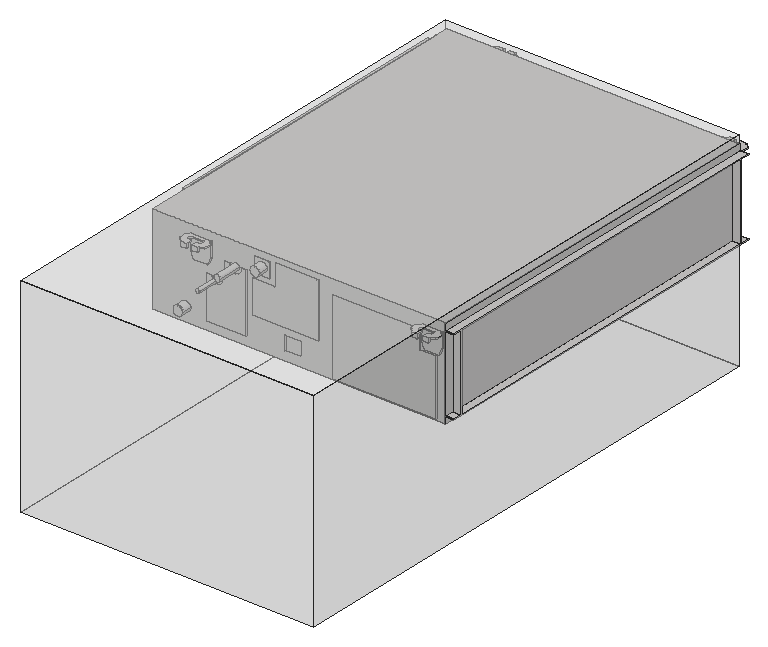
Revit family "outputfile", category 機械設備, Revit 2024
Family settings
  丸型コネクタ寸法 = 半径を使用
  パーツ タイプ = 標準
  OmniClass 番号 = 23.75.10.24.21.27.27
  OmniClass タイトル = Split System Air Conditioning Units
  作業面ベース = いいえ
  常に垂直 = はい
  ロード時にボイドで切り取り = いいえ
  注釈の向きを維持 = いいえ
  共有 = いいえ
  部屋計算ポイント = はい
Parameters (values of type "FBA50BVMA9")
  製造元 = "Daikin"
  書き出し IFC クラス(タイプ) = "IfcUnitaryEquipmentType"
  定義済み IFC タイプ(タイプ) = "AIRCONDITIONINGUNIT"
  モデル = "FBA50BVMA9"
  switch_frequency = yes
  r_Liquid Pipe Size = Liquid Pipe Size / 2  # 4.75 mm
  r_Gas Pipe Size = Gas Pipe Size / 2  # 7.95 mm
  r_Drain Pipe Size = Drain Pipe Size / 2  # 12.5 mm
  lw_power = 770.0 mm  # constant formula
  lh_SA = 138.0 mm  # constant formula
  lw_SA = if(Width = 550.0 mm, 225.0 mm, if(Width = 700.0 mm, 300.0 mm, if(Width = 1000.0 mm, 450.0 mm, if(Width = 1400.0 mm, 650.0 mm, 725.0 mm))))  # 450.0 mm
  lw_RA = if(Width = 550.0 mm, 275.0 mm, if(Width = 700.0 mm, 349.0 mm, if(Width = 1000.0 mm, 499.0 mm, if(Width = 1400.0 mm, 699.0 mm, 775.0 mm))))  # 499.0 mm
  lh_power = 60.0 mm + [h***]  # 60.0 mm
  lh_mountinghole1 = lh_mountinghole + [h***]  # 222.0 mm
  lh_RA = 123.0 mm  # constant formula
  ld_power = Width / 2  # 500.0 mm
  connector_voltage = Voltage_50Hz  # 230 V
  connector_powerinput = [Power Input (Cooling)]  # 1.230 kW
  connector_phase = Phase_50Hz  # 1
  Voltage_comment_60Hz = "220-230"
  Voltage_comment_50Hz = "220-240"
  Voltage_60Hz = 220 V
  Voltage_50Hz = 230 V
  Total Heating Capacity [instance] = 0.000 kW
  Supply Air Direction [instance] = yes
  Power Input (Heating) = 1.310 kW
  Phase_60Hz = 1
  Phase_50Hz = 1
  Nominal Heating Capacity = 6.000 kW
  Minimum External Static Pressure = 50.00 Pa
  Maximum External Static Pressure = 150.00 Pa
  Material_Casing = DAIKIN_GalvanizedSteel_Casing_indoorunit
  lw_mountinghole = 630.0 mm  # constant formula
  lh_gaspipe = 183.0 mm + [h***]  # 183.0 mm
  lh_mountinghole = 222.0 mm  # constant formula
  lh_liquidpipe = 136.0 mm + [h***]  # 136.0 mm
  lh_drainpipe = 207.0 mm + [h***]  # 207.0 mm
  lh_antena = Height - lh_mountinghole + 1.0 mm  # 24.0 mm
  ld_drainpipe = Width / 2 + 26.0 mm  # 526.0 mm
  ld_liquidpipe = Width / 2 + 69.0 mm  # 569.0 mm
  ld_gaspipe = Width / 2 + 65.0 mm  # 565.0 mm
  ld_mountinghole = Width + 38.0 mm  # 1038.0 mm
  h*** = 0.0 mm  # constant formula
  lw_liquidpipe = 179.0 mm  # constant formula
  lw_gaspipe = 229.0 mm  # constant formula
  lw_drainpipe = 300.0 mm  # constant formula
  Width = 1000.0 mm
  Version = "ver.1.0"
  Unit Type = "Duct"
  Unit Mass Weight = 37.00 kg
  Unit Designation [instance] = ""
  Uniclass2015Version = "Products v1.30"
  Uniclass2015Title = "Split coil room air conditioning units"
  Uniclass2015Code = "Pr_70_65_03_86"
  Total Cooling Capacity [instance] = 0.000 kW
  Sound Pressure Level_M speed (dBA) = 33
  Sound Pressure Level_L speed (dBA) = 31
  Sound Pressure Level_H speed (dBA) = 35
  Series = "SkyAir_Fan Coil Unit"
  Sensible Cooling Capacity [instance] = 0.000 kW
  SA Duct Size Width = 792.0 mm
  SA Duct Size Height = 176.0 mm
  Refrigerant Type = "R32"
  RA Duct Size Width = 952.0 mm
  RA Duct Size Height = 208.0 mm
  Power Input (Cooling) = 1.230 kW
  Option Accessory 3 [instance] = ""
  Option Accessory 2 [instance] = ""
  Option Accessory 1 [instance] = ""
  Nominal Cooling Capacity = 5.000 kW
  Minimum Airflow = 750.00 m³/h
  Median Airflow = 900.00 m³/h
  Maximum Airflow = 1080.00 m³/h
  Load Classification = HVAC
  Liquid Pipe Size = 9.5 mm
  Link_Nested Family [instance] = ""
  IfcVersion = ""
  IfcExportType = "AIRCONDITIONINGUNIT"
  IfcExportAs = "IfcUnitaryEquipmentType"
  Height = 245.0 mm
  Heating Entering Wet Bulb Temperature [instance] = -273.15 °C
  Heating Entering Dry Bulb Temperature [instance] = -273.15 °C
  Heating Ambient Wet Bulb Temperature [instance] = -273.15 °C
  Heating Ambient Dry Bulb Temperature [instance] = -273.15 °C
  Heat Exchanger Type = "Cross Fin Coil"
  Gas Pipe Size = 15.9 mm
  Frequency_60Hz = 60 Hz
  Frequency_50Hz = 50 Hz
  Fan Type = "Sirocco Fan"
  Fan Drive = "Direct Drive"
  FCU Tag No. [instance] = ""
  Drain Pipe Size = 25.0 mm
  Design Supply Airflow [instance] = 0.00 m³/h
  Design Return Airflow [instance] = 0.00 m³/h
  Design External Static Pressure [instance] = 0.00 Pa
  Depth = 800.0 mm
  既定の高さ = 0.0 mm
  Cooling Entering Wet Bulb Temperature [instance] = 0.00 °C
  Cooling Entering Dry Bulb Temperature [instance] = 0.00 °C
  Cooling Ambient Wet Bulb Temperature [instance] = 0.00 °C
  Cooling Ambient Dry Bulb Temperature [instance] = 0.00 °C
  Clearance visibility [instance] = yes
  Clearance Top = 20.0 mm
  Clearance Right = 0.0 mm
  Clearance Rear = 0.0 mm
  Clearance Left = 0.0 mm
  Clearance Front = 450.0 mm
  Clearance Bottom = 300.0 mm
Reference planes
  plane 1 "Center (Front/Back)": y = 0
  plane 2 "h": z = 0
  plane 3 "Center (Left/Right)": x = 0
  plane 4 "Back": y = 500
  plane 5 "Front": y = -500
  plane 6 "Left": x = -400
  plane 7 "Right": x = 400
  plane 8 "Top": z = 0
  plane 9 "Bottom": z = -245
  plane 10: y = -215
  plane 11: y = 500
  plane 12: y = -950
  plane 13: x = -400
  plane 14: x = 400
  plane 15: z = 20
  plane 16: z = -545
  plane 17: x = -400
  plane 18: x = -399
  plane 19: x = 399
  plane 20: y = 50
  plane 21: y = -1
  plane 22: z = -122
  plane 23: y = -501
  plane 24: z = -109
  plane 25: x = -221
  plane 26: y = -565
  plane 27: z = -62
  plane 28: x = -171
  plane 29: y = -526
  plane 30: z = -38
  plane 31: x = -100
  plane 32: x = -100
  plane 33: x = -221
  plane 34: x = -171
  plane 35: x = 370
  plane 36: x = -266
  plane 37: x = 364
  plane 38: y = -519
  plane 39: y = 519
  plane 40: z = -23
  plane 41: z = -107
  plane 42: y = -569
  plane 43: z = -207
  plane 44: x = -309
  plane 45: y = -376
  plane 46: x = -251
  plane 47: x = -203
  plane 48: x = -144
  plane 49: z = -59
  plane 50: z = -106
  plane 51: z = -221
  plane 52: z = -109
  plane 53: x = -221
  plane 54: z = -62
  plane 55: x = -171
  plane 56: z = -17
  plane 57: z = -59
  plane 58: x = -121
  plane 59: x = -79
  plane 60: x = -125
  plane 61: x = -64
  plane 62: x = 53
  plane 63: z = -164
  plane 64: z = -73
  plane 65: z = -16
  plane 66: x = 93.5
  plane 67: x = 374.5
  plane 68: x = 330
  plane 69: z = -88.5
  plane 70: z = -38
  plane 71: z = -242.5
  plane 72: x = -38.5
  plane 73: x = 6.5
  plane 74: z = -181
  plane 75: z = -221
  plane 76: y = -499
  plane 77: x = -424
  plane 78: x = 424
Forms (mm)
  Extrusion 1, solid, material "DAIKIN_GalvanizedSteel_Casing_indoorunit" <- "Material_Casing"
    sketch origin (0, 0, 0) x (1, 0, 0) y (0, 1, 0)
      loop
        line (-399, 500) -> (-399, -500) -> (399, -500) -> (399, 500) -> (-399, 500)
    from -245 to 0
  Extrusion 2, solid, material "DAIKIN_GalvanizedSteel_Casing_indoorunit" <- "Material_Casing"
    sketch origin (0, 0, 0) x (1, 0, 0) y (0, 0, 1)
      loop
        line (-251, -221) -> (-144, -221) -> (-144, -59) -> (-154.47, -59)
        arc (-154.47, -59) -> (-171, -78.8) -> (-187.53, -59) r 16.8
        line (-187.53, -59) -> (-203, -59) -> (-203, -106) -> (-206.916, -106)
        arc (-206.916, -106) -> (-221, -123.4) -> (-235.084, -106) r 14.4
        line (-235.084, -106) -> (-251, -106) -> (-251, -221)
    from 500 to 501
  Extrusion 3, solid, material "DAIKIN_GalvanizedSteel_Casing_indoorunit" <- "Material_Casing"
    sketch origin (0, 0, 0) x (1, 0, 0) y (0, 0, 1)
      loop
        line (-121, -17) -> (-121, -59) -> (-79, -59) -> (-79, -17) -> (-121, -17)
      loop
        line (-125, -73) -> (-125, -164) -> (53, -164) -> (53, -16) -> (-64, -16) -> (-64, -73) -> (-125, -73)
    from 500 to 501
  Extrusion 4, solid, material "DAIKIN_GalvanizedSteel_Casing_indoorunit" <- "Material_Casing"
    sketch origin (0, 0, 0) x (1, 0, 0) y (0, 0, 1)
      loop
        line (93.5, -38) -> (93.5, -242.5) -> (374.5, -242.5) -> (374.5, -88.5) -> (330, -88.5) -> (330, -38) -> (93.5, -38)
    from 500 to 501
  Extrusion 5, solid, material "DAIKIN_GalvanizedSteel_Casing_indoorunit" <- "Material_Casing"
    sketch origin (0, 0, 0) x (1, 0, 0) y (0, 0, 1)
      loop
        circle (-221, -109) r 4.75
    from 500 to 569
  Extrusion 6, solid, material "DAIKIN_GalvanizedSteel_Casing_indoorunit" <- "Material_Casing"
    sketch origin (0, 0, 0) x (1, 0, 0) y (0, 0, 1)
      loop
        circle (-171, -62) r 7.95
    from 500 to 565
  Extrusion 7, solid, material "DAIKIN_GalvanizedSteel_Casing_indoorunit" <- "Material_Casing"
    sketch origin (0, 0, 0) x (1, 0, 0) y (0, 0, 1)
      loop
        circle (-100, -38) r 12.5
    from 501 to 526
  Extrusion 8, solid, material "DAIKIN_GalvanizedSteel_Casing_indoorunit" <- "Material_Casing"
    sketch origin (0, 0, 0) x (1, 0, 0) y (0, 0, 1)
      loop
        circle (-309, -207) r 13
    from 500 to 526
  Extrusion 9, void
    sketch origin (0, 0, 0) x (1, 0, 0) y (0, 0, 1)
      loop
        line (-38.5, -181) -> (-38.5, -221) -> (6.5, -221) -> (6.5, -181) -> (-38.5, -181)
    from 499 to 500
Cuts and joins
  Extrusion 9 cuts Extrusion 1
Dimensions and locks
  "Height": plane 8 "Top" to plane 9 "Bottom"
  equal spacing: plane 4 "Back", plane 1 "Center (Front/Back)", plane 5 "Front"
  "Width": plane 4 "Back" to plane 5 "Front"
  equal spacing: plane 6 "Left", plane 3 "Center (Left/Right)", plane 7 "Right"
  "Depth": plane 6 "Left" to plane 7 "Right"
  "Clearance Left": plane 13 to plane 6 "Left"
  "Clearance Right": plane 7 "Right" to plane 14
  "Clearance Rear": plane 11 to plane 4 "Back"
  "Clearance Front": plane 5 "Front" to plane 12
  "Clearance Top": plane 15 to plane 8 "Top"
  "Clearance Bottom": plane 9 "Bottom" to plane 16
  locked: plane 17 to plane 18 at 1
  locked: plane 19 to plane 14 at 1
  "lw_SA": plane 11 to plane 20
  "lw_RA": plane 21 to plane 5 "Front"
  "lh_RA": plane 22 to plane 9 "Bottom"
  locked: plane 5 "Front" to plane 23 at 1
  "lw_liquidpipe": plane 25 to plane 6 "Left"
  "lh_liquidpipe": plane 24 to plane 9 "Bottom"
  "lh_gaspipe": plane 27 to plane 9 "Bottom"
  "lw_gaspipe": plane 28 to plane 6 "Left"
  "ld_gaspipe": plane 26 to plane 1 "Center (Front/Back)"
  "ld_drainpipe": plane 29 to plane 1 "Center (Front/Back)"
  "lh_drainpipe": plane 30 to plane 9 "Bottom"
  "lw_drainpipe": plane 31 to plane 6 "Left"
  "lw_drainpipe": plane 6 "Left" to plane 32
  "lw_liquidpipe": plane 6 "Left" to plane 33
  "lw_gaspipe": plane 6 "Left" to plane 34
  "lw_power": plane 6 "Left" to plane 35
  locked: plane 17 to plane 36 at 134
  "lw_mountinghole": plane 36 to plane 37
  equal spacing: plane 38, plane 1 "Center (Front/Back)", plane 39
  "ld_mountinghole": plane 39 to plane 38
  "lh_mountinghole": plane 40 to plane 9 "Bottom"
  "lh_SA": plane 41 to plane 9 "Bottom"
  locked: plane 44 to plane 6 "Left" at 91
  locked: plane 43 to plane 9 "Bottom" at 38
  plane 48 to plane 47 to plane 46 to plane 6 "Left" = 59.0 mm, 48.0 mm, 149.0 mm
  plane 8 "Top" to plane 49 to plane 50 to plane 51 = 59.0 mm locked, 47.0 mm locked, 115.0 mm locked
  plane 55 to plane 53 to plane 6 "Left" = 50.0 mm locked, 179.0 mm locked
  plane 54 to plane 52 to plane 9 "Bottom" = 47.0 mm locked, 136.0 mm locked
  plane 59 to plane 58 to plane 6 "Left" = 42.0 mm locked, 279.0 mm locked
  plane 8 "Top" to plane 56 to plane 57 = 17.0 mm locked, 42.0 mm locked
  plane 62 to plane 61 to plane 60 to plane 6 "Left" = 117.0 mm, 61.0 mm, 275.0 mm
  plane 8 "Top" to plane 65 to plane 64 = 16.0 mm locked, 57.0 mm locked
  locked: plane 65 to plane 63 at 148
  plane 8 "Top" to plane 70 to plane 69 to plane 71 = 38.0 mm locked, 50.5 mm locked, 154.0 mm locked
  plane 67 to plane 68 to plane 66 to plane 6 "Left" = 44.5 mm locked, 236.5 mm locked, 493.5 mm locked
  plane 8 "Top" to plane 74 to plane 75 = 181.0 mm locked, 40.0 mm locked
  plane 73 to plane 72 to plane 6 "Left" = 45.0 mm, 361.5 mm
  locked: plane 76 to plane 5 "Front" at 1
  locked: plane 77 to plane 17 at 24
  locked: plane 14 to plane 78 at 24
  "ld_liquidpipe": plane 42 to plane 1 "Center (Front/Back)"
  "r_Liquid Pipe Size": radius of Extrusion 5 sketch curve
  "r_Gas Pipe Size": radius of Extrusion 6 sketch curve
  "r_Drain Pipe Size": radius of Extrusion 7 sketch curve
  aligned and locked: level to plane 2 "h"
  aligned and locked: plane 8 "Top" to Extrusion 1
  aligned and locked: Extrusion 1 to plane 9 "Bottom"
  aligned and locked: nested 5 to plane 12
  aligned and locked: plane 13 to nested 5
  aligned and locked: plane 14 to nested 5
  aligned and locked: nested 5 to plane 13
  aligned and locked: plane 11 to nested 5
  aligned and locked: plane 15 to nested 5
  aligned and locked: plane 16 to nested 5
  aligned and locked: plane 5 "Front" to Extrusion 1 sketch curve
  aligned and locked: Extrusion 1 to plane 18
  aligned and locked: plane 19 to Extrusion 1
  aligned and locked: nested 7 to plane 18
  aligned and locked: nested 7 to plane 20
  aligned and locked: plane 19 to nested 8
  aligned and locked: plane 21 to nested 8
  aligned and locked: plane 22 to nested 8
  aligned and locked: Extrusion 2 to plane 23
  aligned and locked: plane 5 "Front" to Extrusion 2
  aligned and locked: Extrusion 3 to plane 23
  aligned and locked: plane 5 "Front" to Extrusion 3
  aligned and locked: plane 5 "Front" to Extrusion 4
  aligned and locked: Extrusion 5 sketch curve to plane 25
  aligned and locked: plane 24 to Extrusion 5 sketch curve
  aligned and locked: plane 5 "Front" to Extrusion 5
  aligned and locked: Extrusion 6 sketch curve to plane 28
  aligned and locked: plane 27 to Extrusion 6 sketch curve
  aligned and locked: plane 5 "Front" to Extrusion 6
  aligned and locked: Extrusion 7 sketch curve to plane 31
  aligned and locked: Extrusion 7 sketch curve to plane 30
  aligned and locked: Extrusion 7 to plane 29
  aligned and locked: plane 23 to Extrusion 7
  aligned and locked: nested 3 to plane 29
  aligned and locked: plane 32 to nested 3
  aligned and locked: nested 2 to plane 33
  aligned and locked: nested 1 to plane 34
  aligned and locked: Extrusion 6 to plane 26
  aligned and locked: nested 1 to plane 26
  aligned and locked: nested 6 to plane 5 "Front"
  aligned and locked: nested 6 to plane 35
  aligned and locked: plane 36 to nested 10
  aligned and locked: nested 10 to plane 5 "Front"
  aligned and locked: plane 37 to nested 9
  aligned and locked: nested 9 to plane 5 "Front"
  aligned and locked: nested 11 to plane 36
  aligned and locked: plane 4 "Back" to nested 11
  aligned and locked: nested 12 to plane 37
  aligned and locked: plane 4 "Back" to nested 12
  aligned and locked: plane 40 to nested 10
  aligned and locked: plane 40 to nested 11
  aligned and locked: plane 40 to nested 9
  aligned and locked: plane 40 to nested 12
  aligned and locked: plane 36 to nested 14
  aligned and locked: nested 14 to plane 39
  aligned and locked: plane 37 to nested 13
  aligned and locked: nested 13 to plane 39
  aligned and locked: plane 37 to nested 16
  aligned and locked: plane 38 to nested 16
  aligned and locked: plane 38 to nested 15
  aligned and locked: plane 36 to nested 15
  aligned and locked: plane 17 to plane 6 "Left"
  aligned and locked: plane 41 to nested 7
  aligned and locked: Extrusion 5 to plane 42
  aligned and locked: nested 2 to plane 42
  aligned and locked: Extrusion 8 sketch curve to plane 44
  aligned and locked: plane 43 to Extrusion 8 sketch curve
  aligned and locked: plane 5 "Front" to Extrusion 8
  aligned and locked: Extrusion 3 sketch curve to plane 56
  aligned and locked: Extrusion 3 sketch curve to plane 58
  aligned and locked: plane 57 to Extrusion 3 sketch curve
  aligned and locked: plane 59 to Extrusion 3 sketch curve
  aligned and locked: Extrusion 4 to plane 23
  aligned and locked: Extrusion 9 sketch curve to plane 74
  aligned and locked: plane 75 to Extrusion 9 sketch curve
  aligned and locked: plane 73 to Extrusion 9 sketch curve
  aligned and locked: plane 5 "Front" to Extrusion 9
  aligned and locked: plane 76 to Extrusion 9
  aligned and locked: nested 17 to plane 20
  aligned and locked: nested 17 to plane 77
  aligned and locked: plane 21 to nested 18
  aligned and locked: plane 78 to nested 18
  aligned and locked: plane 41 to nested 17
  aligned and locked: nested 18 to plane 22
  aligned and locked: nested 4 to plane 3 "Center (Left/Right)"
  aligned and locked: plane 1 "Center (Front/Back)" to nested 4
  aligned and locked: level to plane 8 "Top"
  aligned and locked: Extrusion 8 to plane 29
Automatic sketch dimensions
  plane 6 "Left" to Extrusion 1 sketch curve = 1.0 mm
  Extrusion 1 sketch curve to plane 7 "Right" = 1.0 mm
  Extrusion 1 sketch curve to plane 4 "Back" = 0.0 mm
  Extrusion 2 sketch curve to plane 46 = 0.0 mm
  Extrusion 2 sketch curve to plane 33 = 0.0 mm
  Extrusion 2 sketch curve to plane 47 = 0.0 mm
  Extrusion 2 sketch curve to plane 34 = 0.0 mm
  Extrusion 2 sketch curve to plane 48 = 0.0 mm
  Extrusion 2 sketch curve to plane 51 = 0.0 mm
  Extrusion 2 sketch curve to plane 52 = 0.0 mm
  Extrusion 2 sketch curve to plane 50 = 0.0 mm  (x3)
  Extrusion 2 sketch curve to plane 54 = 0.0 mm
  Extrusion 2 sketch curve to plane 49 = 0.0 mm  (x3)
  plane 33 to Extrusion 2 sketch curve = 14.084 mm
  plane 34 to Extrusion 2 sketch curve = 16.53 mm
  Extrusion 3 sketch curve to plane 60 = 0.0 mm
  Extrusion 3 sketch curve to plane 61 = 0.0 mm
  Extrusion 3 sketch curve to plane 62 = 0.0 mm
  Extrusion 3 sketch curve to plane 63 = 0.0 mm
  Extrusion 3 sketch curve to plane 64 = 0.0 mm
  Extrusion 3 sketch curve to plane 65 = 0.0 mm
  Extrusion 4 sketch curve to plane 66 = 0.0 mm
  Extrusion 4 sketch curve to plane 68 = 0.0 mm
  Extrusion 4 sketch curve to plane 67 = 0.0 mm
  Extrusion 4 sketch curve to plane 71 = 0.0 mm
  Extrusion 4 sketch curve to plane 69 = 0.0 mm
  Extrusion 4 sketch curve to plane 70 = 0.0 mm
  Extrusion 9 sketch curve to plane 72 = 0.0 mm
  radius of Extrusion 8 sketch curve = 13.0 mm
Nested families
  nested 1: "daikin_connector_rotate2" at (-171, 0, -62), length <- "ld_gaspipe", built-in parameter 1001364 <- "lh_gaspipe", radius <- "r_Gas Pipe Size", type "daikin_connector_rotate2"
    with radius 7.95 mm, length 565.0 mm, angle_vertical 90.00°
  nested 2: "daikin_connector_rotate2" at (-221, 0, -109), length <- "ld_liquidpipe", built-in parameter 1001364 <- "lh_liquidpipe", radius <- "r_Liquid Pipe Size", type "daikin_connector_rotate2"
    with radius 4.75 mm, length 569.0 mm, angle_vertical 90.00°
  nested 3: "daikin_connector_rotate2" at (-100, 0, -38), length <- "ld_drainpipe", built-in parameter 1001364 <- "lh_drainpipe", radius <- "r_Drain Pipe Size", type "daikin_connector_rotate2"
    with radius 12.5 mm, length 526.0 mm, angle_vertical 90.00°
  nested 4: "daikin_△_symbolicline" at (0, 0, 245) x (0, -1, 0) z (0, 0, 1), built-in parameter 1001364 <- "Height", visible <- "Supply Air Direction", type "daikin_△_symbolicline"
    with length 200.0 mm
  nested 5: "daikin_clearancespace" at (0, -225, -262.381), visible <- "Clearance visibility", show <- "Clearance visibility", Link_Nested Family <- "Link_Nested Family", type "daikin_clearancespace"
    with width 800.0 mm, show yes, height 565.0 mm, depth 1450.0 mm, Link_Nested Family ""
  nested 6: "daikin_connector_rotate2" at (370, 0, -185), built-in parameter 1001364 <- "lh_power", length <- "ld_power", type "daikin_connector_rotate2"
    with radius 10.0 mm, length 500.0 mm, angle_vertical 90.00°
  nested 7: "daikin_ductflange_FBA-BVMA9_2" at (-399, 50, -107) x (0, -1, 0) z (0, 0, 1), type "daikin_ductflange_FBA-BVMA9_2"
    with width 792.0 mm, w 1000.0 mm
  nested 8: "daikin_ductflange_FBA-BVMA9" at (399, -1, -122) x (0, 1, 0) z (0, 0, 1), type "daikin_ductflange_FBA-BVMA9"
    with width 952.0 mm, lw 25.0 mm, w 1000.0 mm
  nested 9: "daikin_hangerfixture_FBA-BVMA9" at (364, -500, -23), type "daikin_hangerfixture_FBA-BVMA9"
  nested 10: "daikin_hangerfixture_FBA-BVMA9" at (-266, -500, -23), type "daikin_hangerfixture_FBA-BVMA9"
  nested 11: "daikin_hangerfixture_FBA-BVMA9" at (-266, 500, -23) x (-1, 0, 0) z (0, 0, 1), type "daikin_hangerfixture_FBA-BVMA9"
  nested 12: "daikin_hangerfixture_FBA-BVMA9" at (364, 500, -23) x (-1, 0, 0) z (0, 0, 1), type "daikin_hangerfixture_FBA-BVMA9"
  nested 13: "daikin_mountinghole" at (364, 519, -245), h_mountinghole <- "lh_mountinghole1", l_antenna <- "lh_antena", Link_Nested Family <- "Link_Nested Family", type "daikin_mountinghole"
    with show yes, l_antenna 24.0 mm, h_mountinghole 222.0 mm, Link_Nested Family ""
  nested 14: "daikin_mountinghole" at (-266, 519, -245), h_mountinghole <- "lh_mountinghole1", l_antenna <- "lh_antena", Link_Nested Family <- "Link_Nested Family", type "daikin_mountinghole"
    with show yes, l_antenna 24.0 mm, h_mountinghole 222.0 mm, Link_Nested Family ""
  nested 15: "daikin_mountinghole" at (-266, -519, -245), h_mountinghole <- "lh_mountinghole1", l_antenna <- "lh_antena", Link_Nested Family <- "Link_Nested Family", type "daikin_mountinghole"
    with show yes, l_antenna 24.0 mm, h_mountinghole 222.0 mm, Link_Nested Family ""
  nested 16: "daikin_mountinghole" at (364, -519, -245), h_mountinghole <- "lh_mountinghole1", l_antenna <- "lh_antena", Link_Nested Family <- "Link_Nested Family", type "daikin_mountinghole"
    with show yes, l_antenna 24.0 mm, h_mountinghole 222.0 mm, Link_Nested Family ""
  nested 17: "daikin_connector_rotate2" at (-400, 50, -107) x (0, -1, 0) z (0, 0, 1), type "daikin_connector_rotate2"
    with radius 10.0 mm, length 24.0 mm, angle_vertical 90.00°
  nested 18: "daikin_connector_rotate2" at (400, -1, -122) x (0, 1, 0) z (0, 0, 1), type "daikin_connector_rotate2"
    with radius 10.0 mm, length 24.0 mm, angle_vertical 90.00°
Connectors
  piping at (-100, -526, -38), diameter 25, driven by "r_Drain Pipe Size"
    settings: on nested 3, index 3, connector inside diameter 609.6 mm, connector length 0.0 mm, flow factor 0, pipe flow 0.00 m³/h, pressure drop 0.0 Pa, fitting loss kfactor 0, connector angle 0.00°, fixture units 0, engagement length 0.0 mm, angle of deflection 0.00°, flow configuration 1, flow direction 2, fitting loss method 4, system type 16, joint type 0, gender type 0, connector reference index -1, connector utility 0, adjustable connector no, is connector primary yes, connector description "Condensate Drain Piping"
  piping at (-171, -565, -62), diameter 15.9, driven by "r_Gas Pipe Size"
    settings: on nested 1, index 4, connector inside diameter 609.6 mm, connector length 0.0 mm, flow factor 0, pipe flow 0.00 m³/h, pressure drop 0.0 Pa, fitting loss kfactor 0, connector angle 0.00°, fixture units 0, engagement length 0.0 mm, angle of deflection 0.00°, flow configuration 1, flow direction 2, fitting loss method 0, system type 29, joint type 0, gender type 0, connector reference index -1, connector utility 0, adjustable connector no, is connector primary no, connector description "Refrigerant Gas Piping"
  piping at (-221, -569, -109), diameter 9.5, driven by "r_Liquid Pipe Size"
    settings: on nested 2, index 5, connector inside diameter 609.6 mm, connector length 0.0 mm, flow factor 0, pipe flow 0.00 m³/h, pressure drop 0.0 Pa, fitting loss kfactor 0, connector angle 0.00°, fixture units 0, engagement length 0.0 mm, angle of deflection 0.00°, flow configuration 1, flow direction 1, fitting loss method 0, system type 29, joint type 0, gender type 0, connector reference index -1, connector utility 0, adjustable connector no, is connector primary no, connector description "Refrigerant Liquid Piping"
  electrical at (370, -500, -185), driven by "Load Classification", driven by "connector_voltage", driven by "connector_phase", driven by "connector_powerinput"
    settings: on nested 6, index 6, voltage 230 V, apparent load 1230 VA, apparent load phase1 0 VA, apparent load phase2 0 VA, apparent load phase3 0 VA, power factor 1, load classification "HVAC", number of poles 1, system type 30, power factor state 1, is connector primary yes, connector utility no, sub classification motor no, connector description "Power Supply"
  hvac at (-424, 50, -107), driven by "SA Duct Size Height", driven by "SA Duct Size Width"
    settings: on nested 17, index 7, duct flow 0.00 m³/h, flow factor 0, pres drop 0.00 Pa, loss coef 0, conn angle 0.00°, conn width 792.0 mm, conn height 176.0 mm, conn diameter 609.6 mm, duct sys type 1, conn prof type 1, flow config 0, flow direction 2, loss method 4, conn ref index -1, conn util no, is conn primary yes, conn desc "SA Duct"
  hvac at (424, -1, -122), driven by "RA Duct Size Height", driven by "RA Duct Size Width"
    settings: on nested 18, index 8, duct flow 0.00 m³/h, flow factor 0, pres drop 0.00 Pa, loss coef 0, conn angle 0.00°, conn width 952.0 mm, conn height 208.0 mm, conn diameter 609.6 mm, duct sys type 2, conn prof type 1, flow config 0, flow direction 1, loss method 4, conn ref index -1, conn util no, is conn primary no, conn desc "RA Duct"
Definition of nested family "daikin_clearancespace"
  Parameters (values of type "daikin_clearancespace")
    Description = "daikin_clearancespace"
    width [instance] = 1823.963 mm
    show [instance] = yes
    material = none
    height [instance] = 1359.762 mm
    depth [instance] = 880.0 mm
    Default Elevation = 0.0 mm
    Link_Nested Family [instance] = ""
  Reference planes
    plane 1 "Center (Front/Back)": y = 0
    plane 2 "Center (Elevation)": z = -0.119
    plane 3 "Center (Left/Right)": x = 0
    plane 4: y = 440
    plane 5: y = -440
    plane 6 "Right": x = 911.982
    plane 7 "Left": x = -911.982
    plane 8 "Top": z = 679.762
    plane 9 "Bottom": z = -680
  Forms (mm)
    Extrusion 1, solid, material <- "material", visible <- "show"
      sketch origin (0, 0, 0) x (1, 0, 0) y (0, 1, 0)
        loop
          line (-911.982, 440) -> (-911.982, -440) -> (911.982, -440) -> (911.982, 440) -> (-911.982, 440)
      from -680 to 679.762
  Lines and regions (mm)
    symbolic lines, visible <- "show"
      curve 1: line (911.982, 440, 0) -> (-911.982, 440, 0)
      curve 2: line (-911.982, 440, 0) -> (-911.982, -440, 0)
      curve 3: line (-911.982, -440, 0) -> (911.982, -440, 0)
      curve 4: line (911.982, -440, 0) -> (911.982, 440, 0)
      curve 5: line (911.982, 0, 679.762) -> (-911.982, 0, 679.762)
      curve 6: line (911.982, 0, -680) -> (911.982, 0, 679.762)
      curve 7: line (-911.982, 0, -680) -> (911.982, 0, -680)
      curve 8: line (-911.982, 0, 679.762) -> (-911.982, 0, -680)
      curve 9: line (0, 440, 679.762) -> (0, -440, 679.762)
      curve 10: line (0, -440, 679.762) -> (0, -440, -680)
      curve 11: line (0, 440, -680) -> (0, 440, 679.762)
      curve 12: line (0, -440, -680) -> (0, 440, -680)
  Dimensions and locks
    "width": plane 7 "Left" to plane 6 "Right"
    "depth": plane 4 to plane 5
    "height": plane 8 "Top" to plane 9 "Bottom"
    equal spacing: plane 7 "Left", plane 3 "Center (Left/Right)", plane 6 "Right"
    equal spacing: plane 4, plane 1 "Center (Front/Back)", plane 5
    equal spacing: plane 8 "Top", plane 2 "Center (Elevation)", plane 9 "Bottom"
    aligned and locked: level to plane 2 "Center (Elevation)"
    aligned and locked: Extrusion 1 sketch curve to plane 4
    aligned and locked: plane 7 "Left" to Extrusion 1 sketch curve
    aligned and locked: Extrusion 1 sketch curve to plane 5
    aligned and locked: Extrusion 1 sketch curve to plane 6 "Right"
    aligned and locked: plane 8 "Top" to Extrusion 1
    aligned and locked: curve 1 to Extrusion 1
    aligned and locked: curve 2 to Extrusion 1
    aligned and locked: curve 3 to Extrusion 1
    aligned and locked: curve 4 to Extrusion 1
    aligned and locked: curve 5 to Extrusion 1
    aligned and locked: curve 6 to Extrusion 1
    aligned and locked: curve 7 to Extrusion 1
    aligned and locked: curve 8 to Extrusion 1
    aligned and locked: curve 9 to Extrusion 1
    aligned and locked: curve 10 to Extrusion 1
    aligned and locked: curve 11 to Extrusion 1
    aligned and locked: curve 12 to Extrusion 1
    aligned and locked: Extrusion 1 to plane 9 "Bottom"
Definition of nested family "daikin_ductflange_FBA-BVMA9_2"
  Parameters (values of type "daikin_ductflange_FBFC-DVMG2")
    width = if(w = 550.0 mm, 337.0 mm, if(w = 700.0 mm, 492.0 mm, if(w = 1000.0 mm, 792.0 mm, if(w = 1400.0 mm, 1192.0 mm, 1337.0 mm))))  # 1192.0 mm
    material = none
    height = 215.0 mm
    depth = 1.0 mm
    w = 1400.0 mm
    Default Elevation = 0.0 mm
  Reference planes
    plane 1 "Center (Front/Back)": y = 0
    plane 2: z = 0
    plane 3 "Center (Left/Right)": x = 0
    plane 4: z = 88
    plane 5: z = -88
    plane 6: y = -25
    plane 7: z = 106
    plane 8: z = 89
    plane 9: y = -1
    plane 10: x = -617.5
    plane 11: x = 617.5
    plane 12: z = -106
    plane 13: z = -89
    plane 14: y = -1
    plane 15: x = 596
    plane 16: x = -596
    plane 17: x = 597
    plane 18: z = 87
    plane 19: z = -87
    plane 20: x = -597
    plane 21: z = 87
    plane 22: z = -87
    plane 23: y = -1
  Forms (mm)
    Extrusion 1, solid, material <- "material"
      sketch origin (0, 0, 0) x (0, 1, 0) y (0, 0, 1)
        loop
          line (-25, 88) -> (0, 88) -> (0, 106) -> (-1, 106) -> (-1, 89) -> (-25, 89) -> (-25, 88)
      from -617.5 to 617.5
    Extrusion 2, solid, material <- "material"
      sketch origin (0, 0, 0) x (0, 1, 0) y (0, 0, 1)
        loop
          line (-25, -88) -> (-25, -89) -> (-1, -89) -> (-1, -106) -> (0, -106) -> (0, -88) -> (-25, -88)
      from -617.5 to 617.5
    Extrusion 3, solid, material <- "material"
      sketch origin (0, 0, 0) x (1, 0, 0) y (0, 0, 1)
        loop
          line (596, 88) -> (596, -88) -> (617.5, -88) -> (617.5, -87) -> (597, -87) -> (597, 87) -> (617.5, 87) -> (617.5, 88) -> (596, 88)
      from 0 to 25
    Extrusion 4, solid, material <- "material"
      sketch origin (0, 0, 0) x (1, 0, 0) y (0, 0, 1)
        loop
          line (-617.5, 88) -> (-617.5, 87) -> (-597, 87) -> (-597, -87) -> (-617.5, -87) -> (-617.5, -88) -> (-596, -88) -> (-596, 88) -> (-617.5, 88)
      from 0 to 25
    Extrusion 5, solid, material <- "material"
      sketch origin (0, 0, 0) x (1, 0, 0) y (0, 0, 1)
        loop
          line (-617.5, 88) -> (-617.5, -88) -> (-596, -88) -> (-596, 88) -> (-617.5, 88)
        loop
          line (617.5, 88) -> (596, 88) -> (596, -88) -> (617.5, -88) -> (617.5, 88)
      from 0 to 1
  Cuts and joins
    joined: Extrusion 1, Extrusion 2, Extrusion 3, Extrusion 4, Extrusion 5
  Dimensions and locks
    plane 4 to level to plane 5 = 88.0 mm, 88.0 mm
    locked: plane 6 to plane 1 "Center (Front/Back)" at 25
    locked: plane 9 to plane 1 "Center (Front/Back)" at 1
    locked: plane 8 to plane 4 at 1
    locked: plane 16 to plane 10 at 21.5
    locked: plane 17 to plane 15 at 1
    locked: plane 4 to plane 18 at 1
    locked: plane 19 to plane 5 at 1
    "width": plane 15 to plane 16
    plane 4 to plane 5 = 176.0 mm
    locked: plane 16 to plane 20 at 1
    locked: plane 4 to plane 21 at 1
    locked: plane 22 to plane 5 at 1
    locked: plane 23 to plane 1 "Center (Front/Back)" at 1
    plane 4 to level to plane 5 = 88.0 mm locked, 88.0 mm locked
    locked: plane 5 to plane 13 at 1
    locked: plane 5 to plane 12 at 18
    locked: plane 7 to plane 4 at 18
    equal spacing: plane 15, plane 3 "Center (Left/Right)", plane 16
    locked: plane 11 to plane 15 at 21.5
    plane 11 to plane 10 = 1235.0 mm
    aligned and locked: level to plane 2
    aligned and locked: Extrusion 1 to plane 10
    aligned and locked: plane 11 to Extrusion 1
    aligned and locked: plane 5 to Extrusion 2
    aligned and locked: Extrusion 2 to plane 1 "Center (Front/Back)"
    aligned and locked: plane 15 to Extrusion 3 sketch curve
    aligned and locked: Extrusion 3 sketch curve to Extrusion 2  (x2)
    aligned and locked: Extrusion 3 sketch curve to plane 11
    aligned and locked: plane 6 to Extrusion 3
    aligned and locked: Extrusion 2 to plane 10
    aligned and locked: plane 11 to Extrusion 2
    aligned and locked: Extrusion 4 sketch curve to Extrusion 1  (x2)
    aligned and locked: plane 5 to Extrusion 4 sketch curve
    aligned and locked: Extrusion 4 sketch curve to plane 16
    aligned and locked: Extrusion 4 sketch curve to plane 22
    aligned and locked: plane 20 to Extrusion 4 sketch curve
    aligned and locked: plane 21 to Extrusion 4 sketch curve
    aligned and locked: Extrusion 4 to plane 1 "Center (Front/Back)"
    aligned and locked: plane 6 to Extrusion 4
    aligned and locked: Extrusion 5 sketch curve to Extrusion 1  (x4)
    aligned and locked: Extrusion 5 sketch curve to Extrusion 4  (x2)
    aligned and locked: Extrusion 5 sketch curve to Extrusion 3  (x2)
    aligned and locked: Extrusion 5 to plane 1 "Center (Front/Back)"
    aligned and locked: plane 23 to Extrusion 5
  Automatic sketch dimensions
    Extrusion 1 sketch curve to plane 6 = 0.0 mm
    Extrusion 1 sketch curve to plane 7 = 0.0 mm
    Extrusion 1 sketch curve to plane 9 = 0.0 mm
    Extrusion 1 sketch curve to plane 1 "Center (Front/Back)" = 0.0 mm
    Extrusion 1 sketch curve to plane 4 = 0.0 mm
    Extrusion 1 sketch curve to plane 8 = 0.0 mm
    Extrusion 2 sketch curve to plane 6 = 0.0 mm
    plane 12 to Extrusion 2 sketch curve = 0.0 mm
    Extrusion 2 sketch curve to plane 14 = 0.0 mm
    Extrusion 2 sketch curve to plane 1 "Center (Front/Back)" = 0.0 mm
    plane 13 to Extrusion 2 sketch curve = 0.0 mm
    Extrusion 2 sketch curve to plane 5 = 0.0 mm
    Extrusion 3 sketch curve to plane 17 = 0.0 mm
    Extrusion 3 sketch curve to plane 19 = 0.0 mm
    Extrusion 3 sketch curve to plane 18 = 0.0 mm
    Extrusion 3 sketch curve to plane 4 = 0.0 mm
    Extrusion 4 sketch curve to plane 10 = 0.0 mm
Definition of nested family "daikin_ductflange_FBA-BVMA9"
  Parameters (values of type "daikin_ductflange_FBFC-DVMG")
    width = if(w = 550.0 mm, 502.0 mm, if(w = 700.0 mm, 654.0 mm, if(w = 1000.0 mm, 952.0 mm, if(w = 1400.0 mm, 1352.0 mm, 1502.0 mm))))  # 654.0 mm
    material = none
    lw = if(width = 654.0 mm, 23.0 mm, 25.0 mm)  # 23.0 mm
    height = 208.0 mm
    depth = 1.0 mm
    w = 700.0 mm
    Default Elevation = 0.0 mm
  Reference planes
    plane 1 "Center (Front/Back)": y = 0
    plane 2: z = 0
    plane 3 "Center (Left/Right)": x = 0
    plane 4: z = 104
    plane 5: z = -104
    plane 6: y = -25
    plane 7: z = 121
    plane 8: z = 105
    plane 9: y = -1
    plane 10: x = -350
    plane 11: x = 350
    plane 12: z = -122
    plane 13: z = -105
    plane 14: y = -1
    plane 15: x = 327
    plane 16: x = -327
    plane 17: x = 328
    plane 18: z = 103
    plane 19: z = -103
    plane 20: x = -328
    plane 21: z = 103
    plane 22: z = -103
    plane 23: y = -1
  Forms (mm)
    Extrusion 1, solid, material <- "material"
      sketch origin (0, 0, 0) x (0, 1, 0) y (0, 0, 1)
        loop
          line (-25, 104) -> (0, 104) -> (0, 121) -> (-1, 121) -> (-1, 105) -> (-25, 105) -> (-25, 104)
      from -350 to 350
    Extrusion 2, solid, material <- "material"
      sketch origin (0, 0, 0) x (0, 1, 0) y (0, 0, 1)
        loop
          line (-25, -104) -> (-25, -105) -> (-1, -105) -> (-1, -122) -> (0, -122) -> (0, -104) -> (-25, -104)
      from -350 to 350
    Extrusion 3, solid, material <- "material"
      sketch origin (0, 0, 0) x (1, 0, 0) y (0, 0, 1)
        loop
          line (327, 104) -> (327, -104) -> (350, -104) -> (350, -103) -> (328, -103) -> (328, 103) -> (350, 103) -> (350, 104) -> (327, 104)
      from 0 to 25
    Extrusion 4, solid, material <- "material"
      sketch origin (0, 0, 0) x (1, 0, 0) y (0, 0, 1)
        loop
          line (-350, 104) -> (-350, 103) -> (-328, 103) -> (-328, -103) -> (-350, -103) -> (-350, -104) -> (-327, -104) -> (-327, 104) -> (-350, 104)
      from 0 to 25
    Extrusion 5, solid, material <- "material"
      sketch origin (0, 0, 0) x (1, 0, 0) y (0, 0, 1)
        loop
          line (-350, 104) -> (-350, -104) -> (-327, -104) -> (-327, 104) -> (-350, 104)
        loop
          line (350, 104) -> (327, 104) -> (327, -104) -> (350, -104) -> (350, 104)
      from 0 to 1
  Cuts and joins
    joined: Extrusion 1, Extrusion 2, Extrusion 3, Extrusion 4, Extrusion 5
  Dimensions and locks
    plane 4 to level to plane 5 = 104.0 mm, 104.0 mm
    locked: plane 6 to plane 1 "Center (Front/Back)" at 25
    locked: plane 9 to plane 1 "Center (Front/Back)" at 1
    locked: plane 8 to plane 4 at 1
    "lw": plane 11 to plane 15
    "lw": plane 16 to plane 10
    locked: plane 17 to plane 15 at 1
    locked: plane 4 to plane 18 at 1
    locked: plane 19 to plane 5 at 1
    "width": plane 15 to plane 16
    equal spacing: plane 15, plane 3 "Center (Left/Right)", plane 16
    locked: plane 16 to plane 20 at 1
    locked: plane 4 to plane 21 at 1
    locked: plane 22 to plane 5 at 1
    locked: plane 23 to plane 1 "Center (Front/Back)" at 1
    locked: plane 7 to plane 4 at 17
    locked: plane 1 "Center (Front/Back)" to plane 14 at 1
    locked: plane 5 to plane 13 at 1
    "height": plane 4 to plane 5
    plane 11 to plane 10 = 700.0 mm
    locked: plane 12 to plane 13 at 17
    equal spacing: plane 4, level, plane 5
    aligned and locked: level to plane 2
    aligned and locked: Extrusion 1 to plane 10
    aligned and locked: plane 11 to Extrusion 1
    aligned and locked: plane 5 to Extrusion 2
    aligned and locked: Extrusion 2 to plane 1 "Center (Front/Back)"
    aligned and locked: plane 15 to Extrusion 3 sketch curve
    aligned and locked: Extrusion 3 sketch curve to Extrusion 2  (x2)
    aligned and locked: Extrusion 3 sketch curve to plane 11
    aligned and locked: plane 6 to Extrusion 3
    aligned and locked: Extrusion 2 to plane 10
    aligned and locked: plane 11 to Extrusion 2
    aligned and locked: Extrusion 4 sketch curve to Extrusion 1  (x2)
    aligned and locked: plane 5 to Extrusion 4 sketch curve
    aligned and locked: Extrusion 4 sketch curve to plane 16
    aligned and locked: Extrusion 4 sketch curve to plane 22
    aligned and locked: plane 20 to Extrusion 4 sketch curve
    aligned and locked: plane 21 to Extrusion 4 sketch curve
    aligned and locked: Extrusion 4 to plane 1 "Center (Front/Back)"
    aligned and locked: plane 6 to Extrusion 4
    aligned and locked: Extrusion 5 sketch curve to Extrusion 1  (x4)
    aligned and locked: Extrusion 5 sketch curve to Extrusion 4  (x2)
    aligned and locked: Extrusion 5 sketch curve to Extrusion 3  (x2)
    aligned and locked: Extrusion 5 to plane 1 "Center (Front/Back)"
    aligned and locked: plane 23 to Extrusion 5
  Automatic sketch dimensions
    Extrusion 1 sketch curve to plane 6 = 0.0 mm
    Extrusion 1 sketch curve to plane 7 = 0.0 mm
    Extrusion 1 sketch curve to plane 9 = 0.0 mm
    Extrusion 1 sketch curve to plane 1 "Center (Front/Back)" = 0.0 mm
    Extrusion 1 sketch curve to plane 4 = 0.0 mm
    Extrusion 1 sketch curve to plane 8 = 0.0 mm
    Extrusion 2 sketch curve to plane 6 = 0.0 mm
    plane 12 to Extrusion 2 sketch curve = 0.0 mm
    Extrusion 2 sketch curve to plane 14 = 0.0 mm
    Extrusion 2 sketch curve to plane 1 "Center (Front/Back)" = 0.0 mm
    plane 13 to Extrusion 2 sketch curve = 0.0 mm
    Extrusion 2 sketch curve to plane 5 = 0.0 mm
    Extrusion 3 sketch curve to plane 17 = 0.0 mm
    Extrusion 3 sketch curve to plane 19 = 0.0 mm
    Extrusion 3 sketch curve to plane 18 = 0.0 mm
    Extrusion 3 sketch curve to plane 4 = 0.0 mm
    Extrusion 4 sketch curve to plane 10 = 0.0 mm
Definition of nested family "daikin_hangerfixture_FBA-BVMA9"
  Parameters (values of type "daikin_hangerfixture_FXMQ-PAVE")
    width = 72.0 mm
    material = none
    height = 60.0 mm
    depth = 41.0 mm
    Default Elevation = 0.0 mm
  Reference planes
    plane 1 "Center (Front/Back)": y = 0
    plane 2: z = 0
    plane 3 "Center (Left/Right)": x = 0
    plane 4: y = 417.146
    plane 5: y = -41
    plane 6: x = -36
    plane 7: x = 36
    plane 8: z = -2.3
    plane 9: z = -60
    plane 10: y = -2.3
    plane 11: z = -12
    plane 12: y = -38.7
  Forms (mm)
    Extrusion 1, solid, material <- "material"
      sketch origin (0, 0, 0) x (1, 0, 0) y (0, 1, 0)
        loop
          line (-28, 0) -> (-28, -5)
          arc (-28, -5) -> (-29.127, -8.162) -> (-32, -9.899) r 5
          arc (-32, -9.899) -> (-34.873, -11.636) -> (-36, -14.798) r 5
          line (-36, -14.798) -> (-36, -27.178)
          arc (-36, -27.178) -> (-35.429, -29.499) -> (-33.846, -31.289) r 5
          line (-33.846, -31.289) -> (-23, -38.798) -> (-23, -41.098) -> (-6.5, -41.098) -> (-6.5, -28.498)
          arc (-6.5, -28.498) -> (-7.379, -26.377) -> (-9.5, -25.498) r 3
          line (-9.5, -25.498) -> (-13.5, -25.498)
          arc (-13.5, -25.498) -> (-20, -18.998) -> (-13.5, -12.498) r 6.5
          line (-13.5, -12.498) -> (13.5, -12.498)
          arc (13.5, -12.498) -> (20, -18.998) -> (13.5, -25.498) r 6.5
          line (13.5, -25.498) -> (9.5, -25.498)
          arc (9.5, -25.498) -> (7.379, -26.377) -> (6.5, -28.498) r 3
          line (6.5, -28.498) -> (6.5, -41.098) -> (23, -41.098) -> (23, -38.798) -> (33.846, -31.289)
          arc (33.846, -31.289) -> (35.429, -29.499) -> (36, -27.178) r 5
          line (36, -27.178) -> (36, -14.596)
          arc (36, -14.596) -> (34.873, -11.434) -> (32, -9.697) r 5
          arc (32, -9.697) -> (29.127, -7.96) -> (28, -4.798) r 5
          line (28, -4.798) -> (28, 0) -> (-28, 0)
      from 0 to -2.3
    Extrusion 2, solid, material <- "material"
      sketch origin (0, 0, 0) x (1, 0, 0) y (0, 0, 1)
        loop
          line (28, -39.037) -> (28, 0) -> (-28, 0) -> (-28, -39.037)
          arc (-28, -39.037) -> (-27.91, -39.983) -> (-27.642, -40.894) r 5
          line (-27.642, -40.894) -> (-21.257, -56.857)
          arc (-21.257, -56.857) -> (-19.418, -59.14) -> (-16.615, -60) r 5
          line (-16.615, -60) -> (16.615, -60)
          arc (16.615, -60) -> (19.418, -59.14) -> (21.257, -56.857) r 5
          line (21.257, -56.857) -> (27.642, -40.894)
          arc (27.642, -40.894) -> (27.91, -39.983) -> (28, -39.037) r 5
      from 0 to 2.3
    Extrusion 3, solid, material <- "material"
      sketch origin (0, 0, 0) x (1, 0, 0) y (0, 0, 1)
        loop
          line (-23, 0) -> (-23, -9)
          arc (-23, -9) -> (-22.121, -11.121) -> (-20, -12) r 3
          line (-20, -12) -> (-9.5, -12)
          arc (-9.5, -12) -> (-7.379, -11.121) -> (-6.5, -9) r 3
          line (-6.5, -9) -> (-6.5, 0) -> (-23, 0)
        loop
          line (23, 0) -> (6.5, 0) -> (6.5, -9)
          arc (6.5, -9) -> (7.379, -11.121) -> (9.5, -12) r 3
          line (9.5, -12) -> (20, -12)
          arc (20, -12) -> (22.121, -11.121) -> (23, -9) r 3
          line (23, -9) -> (23, 0)
      from 38.8 to 41.098
  Cuts and joins
    joined: Extrusion 1, Extrusion 2, Extrusion 3
  Dimensions and locks
    plane 2 to plane 8 = 2.3 mm
    "height": plane 2 to plane 9
    locked: plane 10 to plane 1 "Center (Front/Back)" at 2.3
    locked: plane 2 to plane 11 at 12
    locked: plane 12 to plane 5 at 2.3
    aligned and locked: level to plane 2
    aligned and locked: Extrusion 1 to plane 8
    aligned and locked: plane 2 to Extrusion 1
    aligned and locked: plane 2 to Extrusion 2 sketch curve
    aligned and locked: Extrusion 2 to plane 10
    aligned and locked: Extrusion 2 to plane 1 "Center (Front/Back)"
    aligned and locked: Extrusion 3 sketch curve to cut or joined group of Extrusion 1, Extrusion 2, Extrusion 3  (x3)
    aligned and locked: cut or joined group of Extrusion 1, Extrusion 2, Extrusion 3 to Extrusion 3
  Automatic sketch dimensions
    Extrusion 2 sketch curve to plane 7 = 8.0 mm
    Extrusion 2 sketch curve to plane 8 = 36.737 mm
    plane 6 to Extrusion 2 sketch curve = 19.385 mm
    Extrusion 1 sketch curve to plane 6 = 0.0 mm
    plane 1 "Center (Front/Back)" to Extrusion 1 sketch curve = 0.0 mm
    Extrusion 1 sketch curve to plane 7 = 0.0 mm
    plane 6 to Extrusion 1 sketch curve = 2.154 mm
    plane 6 to Extrusion 1 sketch curve = 3.0 mm
    Extrusion 1 sketch curve to Extrusion 1 sketch curve = 5.0 mm  (x3)
    Extrusion 1 sketch curve to plane 12 = 0.098 mm  (x2)
    Extrusion 1 sketch curve to Extrusion 1 sketch curve = 4.0 mm  (x2)
    Extrusion 1 sketch curve to plane 5 = 0.098 mm  (x2)
    Extrusion 1 sketch curve to plane 3 "Center (Left/Right)" = 6.5 mm
    plane 3 "Center (Left/Right)" to Extrusion 1 sketch curve = 6.5 mm
    Extrusion 1 sketch curve to Extrusion 1 sketch curve = 3.0 mm
    Extrusion 1 sketch curve to plane 7 = 8.0 mm
    Extrusion 1 sketch curve to plane 7 = 5.0 mm
    Extrusion 1 sketch curve to plane 7 = 3.0 mm
    Extrusion 1 sketch curve to plane 7 = 2.154 mm
    plane 12 to Extrusion 1 sketch curve = 7.411 mm  (x2)
    plane 12 to Extrusion 1 sketch curve = 10.202 mm  (x2)
    Extrusion 1 sketch curve to Extrusion 1 sketch curve = 6.5 mm  (x2)
    Extrusion 1 sketch curve to Extrusion 1 sketch curve = 12.38 mm
    Extrusion 1 sketch curve to plane 10 = 12.296 mm
    Extrusion 1 sketch curve to plane 10 = 2.7 mm
    Extrusion 1 sketch curve to plane 10 = 2.498 mm
    plane 6 to Extrusion 1 sketch curve = 4.0 mm
    Extrusion 1 sketch curve to Extrusion 1 sketch curve = 0.0 mm  (x2)
    Extrusion 1 sketch curve to plane 7 = 4.0 mm
    Extrusion 1 sketch curve to Extrusion 1 sketch curve = 4.111 mm
    Extrusion 3 sketch curve to level = 0.0 mm  (x2)
    Extrusion 3 sketch curve to plane 11 = 0.0 mm  (x2)
    plane 11 to Extrusion 3 sketch curve = 3.0 mm  (x2)
    plane 3 "Center (Left/Right)" to Extrusion 3 sketch curve = 6.5 mm
    Extrusion 3 sketch curve to Extrusion 3 sketch curve = 3.0 mm  (x2)
    Extrusion 2 sketch curve to plane 9 = 0.0 mm
    Extrusion 2 sketch curve to Extrusion 2 sketch curve = 11.385 mm
    plane 6 to Extrusion 2 sketch curve = 8.0 mm
    plane 9 to Extrusion 2 sketch curve = 20.963 mm
    Extrusion 2 sketch curve to Extrusion 2 sketch curve = 5.0 mm  (x2)
    plane 9 to Extrusion 2 sketch curve = 3.143 mm  (x3)
    Extrusion 2 sketch curve to Extrusion 2 sketch curve = 4.642 mm  (x2)
    Extrusion 2 sketch curve to Extrusion 2 sketch curve = 0.0 mm  (x2)
    Extrusion 2 sketch curve to Extrusion 2 sketch curve = 0.358 mm
    Extrusion 2 sketch curve to Extrusion 2 sketch curve = 1.857 mm  (x2)
Definition of nested family "daikin_connector_rotate2"
  Parameters (values of type "daikin_connector_rotate2")
    Default Elevation = 1219.2 mm
    show_face = no
    radius [instance] = 10.0 mm
    length [instance] = 600.0 mm
    d_surface = 10.0 mm
    angle_vertical [instance] = 90.00°
  Reference planes
    plane 1 "Center (Front/Back)": y = 0
    plane 2: z = 0
    plane 3 "Center (Left/Right)": x = 0
  Forms (mm)
    Extrusion 1, solid, visible <- "show_face"
      sketch origin (0, -600, 0) x (1, 0, 0) y (0, 0, 1)
        loop
          circle (0, 0) r 10
      from 0 to -10
  Lines and regions (mm)
    reference lines
      curve 1: line (0, 0, 0) -> (0, -600, 0)
    symbolic lines
      curve 2: circle (0, 0, 0) r 5 normal (0, 0, 1)
    model lines, visible <- "show_face"
      curve 3: line (0, 0, 0) -> (0, -600, 0)
  Dimensions and locks
    "length": curve 1 to curve 1
    "length": curve 3 to curve 3
    "d_surface": Extrusion 1 to Extrusion 1
    "radius": radius of Extrusion 1 sketch curve
    "angle_vertical": angle curve 1 to plane 1 "Center (Front/Back)"
    "angle_vertical": angle curve 3 to plane 1 "Center (Front/Back)"
    aligned and locked: level to plane 2
    aligned and locked: plane 1 "Center (Front/Back)" to curve 1
    aligned and locked: plane 2 to curve 1
    aligned and locked: plane 1 "Center (Front/Back)" to curve 2
    aligned and locked: plane 3 "Center (Left/Right)" to curve 2
    aligned and locked: plane 1 "Center (Front/Back)" to curve 3
    aligned and locked: plane 2 to curve 3
    aligned and locked: Extrusion 1 to Extrusion 1
  Automatic sketch dimensions
    Extrusion 1 sketch curve to level = 0.0 mm
    Extrusion 1 sketch curve to plane 3 "Center (Left/Right)" = 0.0 mm
    radius of curve 2 = 5.0 mm
Definition of nested family "daikin_△_symbolicline"
  Parameters (values of type "daikin_△_symbolicline")
    length [instance] = 200.0 mm
    Default Elevation = 0.0 mm
  Reference planes
    plane 1 "Center (Front/Back)": y = 0
    plane 2: z = 0
    plane 3 "Center (Left/Right)": x = 0
  Lines and regions (mm)
    symbolic lines
      curve 1: line (0, -173.205, 0) -> (100, 0, 0)
      curve 2: line (100, 0, 0) -> (-100, 0, 0)
      curve 3: line (-100, 0, 0) -> (0, -173.205, 0)
  Dimensions and locks
    equal spacing: curve 3, plane 3 "Center (Left/Right)", curve 2
    "length": curve 3 to curve 2
    "length": curve 3 to curve 3
    "length": curve 1 to curve 1
    aligned and locked: level to plane 2
    aligned and locked: curve 2 to plane 1 "Center (Front/Back)"
    aligned and locked: plane 3 "Center (Left/Right)" to curve 3
Definition of nested family "daikin_mountinghole"
  Parameters (values of type "daikin_mountinghole")
    Default Elevation = 1219.2 mm
    Type Comments = "mountinghole"
    show [instance] = yes
    material = none
    l_centerline = 100.0 mm
    l_antenna [instance] = 100.0 mm
    h_mountinghole [instance] = 0.0 mm
    d_circle = 30.0 mm
    Link_Nested Family [instance] = ""
  Reference planes
    plane 1 "Center (Front/Back)": y = 0
    plane 2: z = 0
    plane 3 "Center (Left/Right)": x = 0
    plane 4: y = 50
    plane 5: x = -50
    plane 6: x = 50
    plane 7: y = -50
    plane 8 "h_mountinghole": z = 0
    plane 9: z = 100
  Lines and regions (mm)
    model lines, detail levels fine
      curve 1: circle (0, 0, 0) r 15 normal (0, 0, 1)
      curve 2: line (-50, 0, 0) -> (50, 0, 0)
      curve 3: line (0, 50, 0) -> (0, -50, 0)
    symbolic lines, detail levels fine
      curve 4: circle (0, 0, 0) r 15 normal (0, 0, 1)
      curve 5: line (-50, 0, 0) -> (50, 0, 0)
      curve 6: line (0, 50, 0) -> (0, -50, 0)
    model lines
      curve 7: line (0, 0, 100) -> (0, 0, 0)
  Dimensions and locks
    equal spacing: plane 4, plane 1 "Center (Front/Back)", plane 7
    "l_centerline": plane 4 to plane 7
    equal spacing: plane 5, plane 3 "Center (Left/Right)", plane 6
    "l_centerline": plane 5 to plane 6
    "l_antenna": plane 9 to plane 8 "h_mountinghole"
    "h_mountinghole": plane 8 "h_mountinghole" to plane 2
    "d_circle": diameter of curve 1
    "d_circle": diameter of curve 4
    aligned and locked: level to plane 2
    aligned and locked: plane 1 "Center (Front/Back)" to curve 1
    aligned and locked: plane 3 "Center (Left/Right)" to curve 1
    aligned and locked: plane 1 "Center (Front/Back)" to curve 2
    aligned and locked: curve 3 to plane 3 "Center (Left/Right)"
    aligned and locked: plane 6 to curve 2
    aligned and locked: plane 5 to curve 2
    aligned and locked: plane 4 to curve 3
    aligned and locked: plane 7 to curve 3
    aligned and locked: plane 1 "Center (Front/Back)" to curve 4
    aligned and locked: plane 3 "Center (Left/Right)" to curve 4
    aligned and locked: plane 6 to curve 5
    aligned and locked: plane 5 to curve 5
    aligned and locked: plane 1 "Center (Front/Back)" to curve 5
    aligned and locked: plane 4 to curve 6
    aligned and locked: plane 7 to curve 6
    aligned and locked: curve 6 to plane 3 "Center (Left/Right)"
    aligned and locked: curve 7 to plane 3 "Center (Left/Right)"
    aligned and locked: plane 9 to curve 7
    aligned and locked: plane 8 "h_mountinghole" to curve 7
